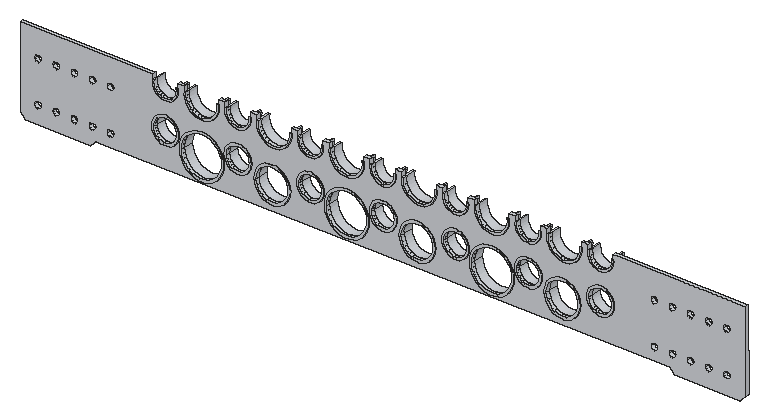
Revit family
Reference planes (in)
  plane 1 "Center (Front/Back)": y = 0
  plane 2: z = 0
  plane 3 "Center (Left/Right)": x = 0
Forms (in)
  Extrusion 1, solid
    sketch origin (-4, 0.06345, 0) x (1, 0, 0) y (0, 0, 1)
      loop
        line (-7, 1.1875) -> (-7, -1.1875) -> (13, -1.1875) -> (13, 1.1875) -> (-7, 1.1875)
    from 0.06345 to -0.03055
  Extrusion 2, void
    sketch origin (2, 0, 0) x (1, 0, 0) y (0, 0, 1)
      loop
        line (-13, -1.1875) -> (-12.85, -1.1875) -> (-13, -1.0375) -> (-13, -1.1875)
    from 0 to -0.094
  Extrusion 3, void
    sketch origin (-4, 0, 0) x (-1, 0, 0) y (0, 0, -1)
      loop
        line (-13, 1.1875) -> (-13, 1.0375) -> (-12.85, 1.1875) -> (-13, 1.1875)
    from -0.094 to 0
  Extrusion 4, void
    sketch origin (-4, 0, 0) x (1, 0, 0) y (0, 0, 1)
      loop
        line (-4.912, -1.0375) -> (-5.062, -1.1875) -> (11.062, -1.1875) -> (10.912, -1.0375) -> (-4.912, -1.0375)
    from 0 to -0.094
  Extrusion 5, solid
    sketch origin (2.434, -0.19807, -0.3875) x (1, 0, 0) y (0, 0, 1)
      loop
        circle (-8.434, 0) r 0.613
    from -0.56657 to -0.19807
  Extrusion 6, void
    sketch origin (2.387, 0, 0) x (1, 0, 0) y (0, 0, 1)
      loop
        circle (-8.387, -0.3875) r 0.556
    from -0.3685 to 0
  Extrusion 7, solid
    sketch origin (6.434, -0.19807, -0.3875) x (1, 0, 0) y (0, 0, 1)
      loop
        circle (-8.434, 0) r 0.613
    from -0.56657 to -0.19807
  Extrusion 8, void
    sketch origin (6.387, 0, 0) x (1, 0, 0) y (0, 0, 1)
      loop
        circle (-8.387, -0.3875) r 0.556
    from -0.3685 to 0
  Extrusion 9, solid
    sketch origin (10.434, -0.19807, -0.3875) x (1, 0, 0) y (0, 0, 1)
      loop
        circle (-8.434, 0) r 0.613
    from -0.56657 to -0.19807
  Extrusion 10, void
    sketch origin (10.387, 0, 0) x (1, 0, 0) y (0, 0, 1)
      loop
        circle (-8.387, -0.3875) r 0.556
    from -0.3685 to 0
  Extrusion 11, void
    sketch origin (3, 0, -0.0885) x (1, 0, 0) y (0, 0, 1)
      loop
        circle (-10, 0) r 0.316
    from 0.17811 to -0.69326
  Extrusion 12, solid
    sketch origin (3, 0, 0) x (1, 0, 0) y (0, 0, 1)
      loop
        circle (-10, -0.0885) r 0.376
    from 0 to -0.3685
  Extrusion 13, void
    sketch origin (5, 0, -0.0885) x (1, 0, 0) y (0, 0, 1)
      loop
        circle (-10, 0) r 0.316
    from 0.17811 to -0.69326
  Extrusion 14, solid
    sketch origin (5, 0, 0) x (1, 0, 0) y (0, 0, 1)
      loop
        circle (-10, -0.0885) r 0.376
    from 0 to -0.3685
  Extrusion 15, void
    sketch origin (7, 0, -0.0885) x (1, 0, 0) y (0, 0, 1)
      loop
        circle (-10, 0) r 0.316
    from 0.17811 to -0.69326
  Extrusion 16, solid
    sketch origin (7, 0, 0) x (1, 0, 0) y (0, 0, 1)
      loop
        circle (-10, -0.0885) r 0.376
    from 0 to -0.3685
  Extrusion 17, void
    sketch origin (9, 0, -0.0885) x (1, 0, 0) y (0, 0, 1)
      loop
        circle (-10, 0) r 0.316
    from 0.17811 to -0.69326
  Extrusion 18, solid
    sketch origin (9, 0, 0) x (1, 0, 0) y (0, 0, 1)
      loop
        circle (-10, -0.0885) r 0.376
    from 0 to -0.3685
  Extrusion 19, void
    sketch origin (11, 0, -0.0885) x (1, 0, 0) y (0, 0, 1)
      loop
        circle (-10, 0) r 0.316
    from 0.17811 to -0.69326
  Extrusion 20, solid
    sketch origin (11, 0, 0) x (1, 0, 0) y (0, 0, 1)
      loop
        circle (-10, -0.0885) r 0.376
    from 0 to -0.3685
  Extrusion 21, void
    sketch origin (13, 0, -0.0885) x (1, 0, 0) y (0, 0, 1)
      loop
        circle (-10, 0) r 0.316
    from 0.17811 to -0.69326
  Extrusion 22, solid
    sketch origin (13, 0, 0) x (1, 0, 0) y (0, 0, 1)
      loop
        circle (-10, -0.0885) r 0.376
    from 0 to -0.3685
  Extrusion 23, void
    sketch origin (3, 0, -0.39233) x (1, 0, 0) y (0, 0, 1)
      loop
        circle (-7.0544, 0) r 0.441
    from 0.17811 to -0.3685
  Extrusion 24, solid
    sketch origin (2.559, 0, 0) x (1, 0, 0) y (0, 0, 1)
      loop
        circle (-6.6134, -0.39233) r 0.501
    from 0 to -0.3685
  Extrusion 25, void
    sketch origin (7, 0, -0.39233) x (1, 0, 0) y (0, 0, 1)
      loop
        circle (-7.0544, 0) r 0.441
    from 0.17811 to -0.3685
  Extrusion 26, solid
    sketch origin (6.559, 0, 0) x (1, 0, 0) y (0, 0, 1)
      loop
        circle (-6.6134, -0.39233) r 0.501
    from 0 to -0.3685
  Extrusion 27, void
    sketch origin (11, 0, -0.39233) x (1, 0, 0) y (0, 0, 1)
      loop
        circle (-7.0544, 0) r 0.441
    from 0.17811 to -0.3685
  Extrusion 28, solid
    sketch origin (10.559, 0, 0) x (1, 0, 0) y (0, 0, 1)
      loop
        circle (-6.6134, -0.39233) r 0.501
    from 0 to -0.3685
  Extrusion 29, void
    sketch origin (15, 0, -0.0885) x (1, 0, 0) y (0, 0, 1)
      loop
        circle (-10, 0) r 0.316
    from 0.17811 to -0.69326
  Extrusion 30, solid
    sketch origin (15, 0, 0) x (1, 0, 0) y (0, 0, 1)
      loop
        circle (-10, -0.0885) r 0.376
    from 0 to -0.3685
  Extrusion 31, void
    sketch origin (2.98103, 0, -1.04116) x (1, 0, 0) y (0, 0, 1)
      loop
        line (-9.63131, 2.10366) -> (-9.63131, 2.22866) -> (-9.54431, 2.22866) -> (-9.54431, 2.45276) -> (-10.41775, 2.45276) -> (-10.41775, 2.22866) -> (-10.33075, 2.22866) -> (-10.33075, 2.10366) -> (-10.28191, 2.10366)
        arc (-10.28191, 2.10366) -> (-9.98103, 1.73566) -> (-9.68015, 2.10366) r 0.307
        line (-9.68015, 2.10366) -> (-9.63131, 2.10366)
    from -0.3685 to 0
  Extrusion 32, solid
    sketch origin (2.98103, 0, -0.73416) x (1, 0, 0) y (0, 0, 1)
      loop
        circle (-9.98103, 1.73566) r 0.355
    from -0.3685 to 0
  Extrusion 33, void
    sketch origin (4.98103, 0, -1.04116) x (1, 0, 0) y (0, 0, 1)
      loop
        line (-9.63131, 2.10366) -> (-9.63131, 2.22866) -> (-9.54431, 2.22866) -> (-9.54431, 2.45276) -> (-10.41775, 2.45276) -> (-10.41775, 2.22866) -> (-10.33075, 2.22866) -> (-10.33075, 2.10366) -> (-10.28191, 2.10366)
        arc (-10.28191, 2.10366) -> (-9.98103, 1.73566) -> (-9.68015, 2.10366) r 0.307
        line (-9.68015, 2.10366) -> (-9.63131, 2.10366)
    from -0.3685 to 0
  Extrusion 34, solid
    sketch origin (4.98103, 0, -0.73416) x (1, 0, 0) y (0, 0, 1)
      loop
        circle (-9.98103, 1.73566) r 0.355
    from -0.3685 to 0
  Extrusion 35, void
    sketch origin (6.98103, 0, -1.04116) x (1, 0, 0) y (0, 0, 1)
      loop
        line (-9.63131, 2.10366) -> (-9.63131, 2.22866) -> (-9.54431, 2.22866) -> (-9.54431, 2.45276) -> (-10.41775, 2.45276) -> (-10.41775, 2.22866) -> (-10.33075, 2.22866) -> (-10.33075, 2.10366) -> (-10.28191, 2.10366)
        arc (-10.28191, 2.10366) -> (-9.98103, 1.73566) -> (-9.68015, 2.10366) r 0.307
        line (-9.68015, 2.10366) -> (-9.63131, 2.10366)
    from -0.3685 to 0
  Extrusion 36, solid
    sketch origin (6.98103, 0, -0.73416) x (1, 0, 0) y (0, 0, 1)
      loop
        circle (-9.98103, 1.73566) r 0.355
    from -0.3685 to 0
  Extrusion 37, void
    sketch origin (8.98103, 0, -1.04116) x (1, 0, 0) y (0, 0, 1)
      loop
        line (-9.63131, 2.10366) -> (-9.63131, 2.22866) -> (-9.54431, 2.22866) -> (-9.54431, 2.45276) -> (-10.41775, 2.45276) -> (-10.41775, 2.22866) -> (-10.33075, 2.22866) -> (-10.33075, 2.10366) -> (-10.28191, 2.10366)
        arc (-10.28191, 2.10366) -> (-9.98103, 1.73566) -> (-9.68015, 2.10366) r 0.307
        line (-9.68015, 2.10366) -> (-9.63131, 2.10366)
    from -0.3685 to 0
  Extrusion 38, solid
    sketch origin (8.98103, 0, -0.73416) x (1, 0, 0) y (0, 0, 1)
      loop
        circle (-9.98103, 1.73566) r 0.355
    from -0.3685 to 0
  Extrusion 39, void
    sketch origin (10.98103, 0, -1.04116) x (1, 0, 0) y (0, 0, 1)
      loop
        line (-9.63131, 2.10366) -> (-9.63131, 2.22866) -> (-9.54431, 2.22866) -> (-9.54431, 2.45276) -> (-10.41775, 2.45276) -> (-10.41775, 2.22866) -> (-10.33075, 2.22866) -> (-10.33075, 2.10366) -> (-10.28191, 2.10366)
        arc (-10.28191, 2.10366) -> (-9.98103, 1.73566) -> (-9.68015, 2.10366) r 0.307
        line (-9.68015, 2.10366) -> (-9.63131, 2.10366)
    from -0.3685 to 0
  Extrusion 40, solid
    sketch origin (10.98103, 0, -0.73416) x (1, 0, 0) y (0, 0, 1)
      loop
        circle (-9.98103, 1.73566) r 0.355
    from -0.3685 to 0
  Extrusion 41, void
    sketch origin (12.98103, 0, -1.04116) x (1, 0, 0) y (0, 0, 1)
      loop
        line (-9.63131, 2.10366) -> (-9.63131, 2.22866) -> (-9.54431, 2.22866) -> (-9.54431, 2.45276) -> (-10.41775, 2.45276) -> (-10.41775, 2.22866) -> (-10.33075, 2.22866) -> (-10.33075, 2.10366) -> (-10.28191, 2.10366)
        arc (-10.28191, 2.10366) -> (-9.98103, 1.73566) -> (-9.68015, 2.10366) r 0.307
        line (-9.68015, 2.10366) -> (-9.63131, 2.10366)
    from -0.3685 to 0
  Extrusion 42, solid
    sketch origin (12.98103, 0, -0.73416) x (1, 0, 0) y (0, 0, 1)
      loop
        circle (-9.98103, 1.73566) r 0.355
    from -0.3685 to 0
  Extrusion 43, void
    sketch origin (14.98103, 0, -1.04116) x (1, 0, 0) y (0, 0, 1)
      loop
        line (-9.63131, 2.10366) -> (-9.63131, 2.22866) -> (-9.54431, 2.22866) -> (-9.54431, 2.45276) -> (-10.41775, 2.45276) -> (-10.41775, 2.22866) -> (-10.33075, 2.22866) -> (-10.33075, 2.10366) -> (-10.28191, 2.10366)
        arc (-10.28191, 2.10366) -> (-9.98103, 1.73566) -> (-9.68015, 2.10366) r 0.307
        line (-9.68015, 2.10366) -> (-9.63131, 2.10366)
    from -0.3685 to 0
  Extrusion 44, solid
    sketch origin (14.98103, 0, -0.73416) x (1, 0, 0) y (0, 0, 1)
      loop
        circle (-9.98103, 1.73566) r 0.355
    from -0.3685 to 0
  Extrusion 45, void
    sketch origin (3.98103, 0, -0.79116) x (1, 0, 0) y (0, 0, 1)
      loop
        line (-9.5042, 1.85241) -> (-9.5042, 1.97741) -> (-9.4172, 1.97741) -> (-9.4172, 2.35367) -> (-10.54489, 2.35367) -> (-10.54489, 1.97716) -> (-10.45789, 1.97716) -> (-10.45789, 1.85216) -> (-10.40905, 1.85216)
        arc (-10.40905, 1.85216) -> (-9.9809, 1.36167) -> (-9.55304, 1.85241) r 0.432
        line (-9.55304, 1.85241) -> (-9.5042, 1.85241)
    from -0.3685 to 0.12521
  Extrusion 46, solid
    sketch origin (3.98103, 0, -0.73416) x (1, 0, 0) y (0, 0, 1)
      loop
        circle (-9.98103, 1.73566) r 0.48
    from -0.3685 to 0
  Extrusion 47, void
    sketch origin (5.98103, 0, -0.79116) x (1, 0, 0) y (0, 0, 1)
      loop
        line (-9.5042, 1.85241) -> (-9.5042, 1.97741) -> (-9.4172, 1.97741) -> (-9.4172, 2.35367) -> (-10.54489, 2.35367) -> (-10.54489, 1.97716) -> (-10.45789, 1.97716) -> (-10.45789, 1.85216) -> (-10.40905, 1.85216)
        arc (-10.40905, 1.85216) -> (-9.9809, 1.36167) -> (-9.55304, 1.85241) r 0.432
        line (-9.55304, 1.85241) -> (-9.5042, 1.85241)
    from -0.3685 to 0.12521
  Extrusion 48, solid
    sketch origin (5.98103, 0, -0.73416) x (1, 0, 0) y (0, 0, 1)
      loop
        circle (-9.98103, 1.73566) r 0.48
    from -0.3685 to 0
  Extrusion 49, void
    sketch origin (7.98103, 0, -0.79116) x (1, 0, 0) y (0, 0, 1)
      loop
        line (-9.5042, 1.85241) -> (-9.5042, 1.97741) -> (-9.4172, 1.97741) -> (-9.4172, 2.35367) -> (-10.54489, 2.35367) -> (-10.54489, 1.97716) -> (-10.45789, 1.97716) -> (-10.45789, 1.85216) -> (-10.40905, 1.85216)
        arc (-10.40905, 1.85216) -> (-9.9809, 1.36167) -> (-9.55304, 1.85241) r 0.432
        line (-9.55304, 1.85241) -> (-9.5042, 1.85241)
    from -0.3685 to 0.12521
  Extrusion 50, solid
    sketch origin (7.98103, 0, -0.73416) x (1, 0, 0) y (0, 0, 1)
      loop
        circle (-9.98103, 1.73566) r 0.48
    from -0.3685 to 0
  Extrusion 51, void
    sketch origin (9.98103, 0, -0.79116) x (1, 0, 0) y (0, 0, 1)
      loop
        line (-9.5042, 1.85241) -> (-9.5042, 1.97741) -> (-9.4172, 1.97741) -> (-9.4172, 2.35367) -> (-10.54489, 2.35367) -> (-10.54489, 1.97716) -> (-10.45789, 1.97716) -> (-10.45789, 1.85216) -> (-10.40905, 1.85216)
        arc (-10.40905, 1.85216) -> (-9.9809, 1.36167) -> (-9.55304, 1.85241) r 0.432
        line (-9.55304, 1.85241) -> (-9.5042, 1.85241)
    from -0.3685 to 0.12521
  Extrusion 52, solid
    sketch origin (9.98103, 0, -0.73416) x (1, 0, 0) y (0, 0, 1)
      loop
        circle (-9.98103, 1.73566) r 0.48
    from -0.3685 to 0
  Extrusion 53, void
    sketch origin (11.98103, 0, -0.79116) x (1, 0, 0) y (0, 0, 1)
      loop
        line (-9.5042, 1.85241) -> (-9.5042, 1.97741) -> (-9.4172, 1.97741) -> (-9.4172, 2.35367) -> (-10.54489, 2.35367) -> (-10.54489, 1.97716) -> (-10.45789, 1.97716) -> (-10.45789, 1.85216) -> (-10.40905, 1.85216)
        arc (-10.40905, 1.85216) -> (-9.9809, 1.36167) -> (-9.55304, 1.85241) r 0.432
        line (-9.55304, 1.85241) -> (-9.5042, 1.85241)
    from -0.3685 to 0.12521
  Extrusion 54, solid
    sketch origin (11.98103, 0, -0.73416) x (1, 0, 0) y (0, 0, 1)
      loop
        circle (-9.98103, 1.73566) r 0.48
    from -0.3685 to 0
  Extrusion 55, void
    sketch origin (13.98103, 0, -0.79116) x (1, 0, 0) y (0, 0, 1)
      loop
        line (-9.5042, 1.85241) -> (-9.5042, 1.97741) -> (-9.4172, 1.97741) -> (-9.4172, 2.35367) -> (-10.54489, 2.35367) -> (-10.54489, 1.97716) -> (-10.45789, 1.97716) -> (-10.45789, 1.85216) -> (-10.40905, 1.85216)
        arc (-10.40905, 1.85216) -> (-9.9809, 1.36167) -> (-9.55304, 1.85241) r 0.432
        line (-9.55304, 1.85241) -> (-9.5042, 1.85241)
    from -0.3685 to 0.12521
  Extrusion 56, solid
    sketch origin (13.98103, 0, -0.73416) x (1, 0, 0) y (0, 0, 1)
      loop
        circle (-9.98103, 1.73566) r 0.48
    from -0.3685 to 0
  Extrusion 57, void
    sketch origin (1.9, 0, 0) x (1, 0, 0) y (0, 0, 1)
      loop
        circle (-11.3967, 0.4625) r 0.095
    from -0.094 to 0
  Extrusion 58, void
    sketch origin (1.4, 0, 0) x (1, 0, 0) y (0, 0, 1)
      loop
        circle (-11.3967, 0.4625) r 0.095
    from -0.094 to 0
  Extrusion 59, void
    sketch origin (0.9, 0, 0) x (1, 0, 0) y (0, 0, 1)
      loop
        circle (-11.3967, 0.4625) r 0.095
    from -0.094 to 0
  Extrusion 60, void
    sketch origin (1.9, 0, -1.15) x (1, 0, 0) y (0, 0, 1)
      loop
        circle (-11.3967, 0.4625) r 0.095
    from -0.094 to 0
  Extrusion 61, void
    sketch origin (1.4, 0, -1.15) x (1, 0, 0) y (0, 0, 1)
      loop
        circle (-11.3967, 0.4625) r 0.095
    from -0.094 to 0
  Extrusion 62, void
    sketch origin (0.9, 0, -1.15) x (1, 0, 0) y (0, 0, 1)
      loop
        circle (-11.3967, 0.4625) r 0.095
    from -0.094 to 0
  Extrusion 63, void
    sketch origin (2.4, 0, 0) x (1, 0, 0) y (0, 0, 1)
      loop
        circle (-11.3967, 0.4625) r 0.095
    from -0.094 to 0
  Extrusion 64, void
    sketch origin (2.4, 0, -1.15) x (1, 0, 0) y (0, 0, 1)
      loop
        circle (-11.3967, 0.4625) r 0.095
    from -0.094 to 0
  Extrusion 65, void
    sketch origin (2.9, 0, 0) x (1, 0, 0) y (0, 0, 1)
      loop
        circle (-11.3967, 0.4625) r 0.095
    from -0.094 to 0
  Extrusion 66, void
    sketch origin (2.9, 0, -1.15) x (1, 0, 0) y (0, 0, 1)
      loop
        circle (-11.3967, 0.4625) r 0.095
    from -0.094 to 0
  Extrusion 67, void
    sketch origin (-2.9, 0, 0) x (-1, 0, 0) y (0, 0, -1)
      loop
        circle (-11.3967, -0.4625) r 0.095
    from -0.094 to 0
  Extrusion 68, void
    sketch origin (-2.9, 0, -1.15) x (-1, 0, 0) y (0, 0, -1)
      loop
        circle (-11.3967, -0.4625) r 0.095
    from -0.094 to 0
  Extrusion 69, void
    sketch origin (-3.4, 0, 0) x (-1, 0, 0) y (0, 0, -1)
      loop
        circle (-11.3967, -0.4625) r 0.095
    from -0.094 to 0
  Extrusion 70, void
    sketch origin (-3.4, 0, -1.15) x (-1, 0, 0) y (0, 0, -1)
      loop
        circle (-11.3967, -0.4625) r 0.095
    from -0.094 to 0
  Extrusion 71, void
    sketch origin (-3.9, 0, 0) x (-1, 0, 0) y (0, 0, -1)
      loop
        circle (-11.3967, -0.4625) r 0.095
    from -0.094 to 0
  Extrusion 72, void
    sketch origin (-3.9, 0, -1.15) x (-1, 0, 0) y (0, 0, -1)
      loop
        circle (-11.3967, -0.4625) r 0.095
    from -0.094 to 0
  Extrusion 73, void
    sketch origin (-4.4, 0, 0) x (-1, 0, 0) y (0, 0, -1)
      loop
        circle (-11.3967, -0.4625) r 0.095
    from -0.094 to 0
  Extrusion 74, void
    sketch origin (-4.4, 0, -1.15) x (-1, 0, 0) y (0, 0, -1)
      loop
        circle (-11.3967, -0.4625) r 0.095
    from -0.094 to 0
  Extrusion 75, void
    sketch origin (-4.9, 0, 0) x (-1, 0, 0) y (0, 0, -1)
      loop
        circle (-11.3967, -0.4625) r 0.095
    from -0.094 to 0
  Extrusion 76, void
    sketch origin (-4.9, 0, -1.15) x (-1, 0, 0) y (0, 0, -1)
      loop
        circle (-11.3967, -0.4625) r 0.095
    from -0.094 to 0
Cuts and joins
  Extrusion 2, Extrusion 3, Extrusion 4, Extrusion 6, Extrusion 8, Extrusion 10, Extrusion 11, Extrusion 13, Extrusion 15, Extrusion 17, Extrusion 19, Extrusion 21, Extrusion 23, Extrusion 25, Extrusion 27, Extrusion 29, Extrusion 31, Extrusion 33, Extrusion 35, Extrusion 37, Extrusion 39, Extrusion 41, Extrusion 43, Extrusion 45, Extrusion 47, Extrusion 49, Extrusion 51, Extrusion 53, Extrusion 55, Extrusion 57, Extrusion 58, Extrusion 59, Extrusion 60, Extrusion 61, Extrusion 62, Extrusion 63, Extrusion 64, Extrusion 65, Extrusion 66, Extrusion 67, Extrusion 68, Extrusion 69, Extrusion 70, Extrusion 71, Extrusion 72, Extrusion 73, Extrusion 74, Extrusion 75, Extrusion 76 cuts Extrusion 1
  Extrusion 6, Extrusion 8 cuts Extrusion 5
  Extrusion 8, Extrusion 10 cuts Extrusion 7
  Extrusion 10 cuts Extrusion 9
  Extrusion 11, Extrusion 15 cuts Extrusion 12
  Extrusion 13, Extrusion 17 cuts Extrusion 14
  Extrusion 15, Extrusion 19 cuts Extrusion 16
  Extrusion 17, Extrusion 21 cuts Extrusion 18
  Extrusion 19 cuts Extrusion 20
  Extrusion 21, Extrusion 29 cuts Extrusion 22
  Extrusion 23, Extrusion 25 cuts Extrusion 24
  Extrusion 25, Extrusion 27 cuts Extrusion 26
  Extrusion 27 cuts Extrusion 28
  Extrusion 29 cuts Extrusion 30
  Extrusion 31, Extrusion 33 cuts Extrusion 32
  Extrusion 33, Extrusion 35 cuts Extrusion 34
  Extrusion 35, Extrusion 37 cuts Extrusion 36
  Extrusion 37, Extrusion 39 cuts Extrusion 38
  Extrusion 39, Extrusion 41 cuts Extrusion 40
  Extrusion 41, Extrusion 43 cuts Extrusion 42
  Extrusion 43 cuts Extrusion 44
  Extrusion 45, Extrusion 47 cuts Extrusion 46
  Extrusion 47, Extrusion 49 cuts Extrusion 48
  Extrusion 49, Extrusion 51 cuts Extrusion 50
  Extrusion 51, Extrusion 53 cuts Extrusion 52
  Extrusion 53, Extrusion 55 cuts Extrusion 54
  Extrusion 55 cuts Extrusion 56
Dimensions and locks (in)
  Extrusion 1 to Extrusion 1 = 20.00"
  Extrusion 1 to Extrusion 1 = 2.375"
  aligned and locked: plane 2 to level
  aligned and locked: Extrusion 2 to Extrusion 1
  aligned and locked: Extrusion 1 to Extrusion 2
  aligned and locked: Extrusion 4 to Extrusion 1  (x2)
  aligned and locked: plane 1 "Center (Front/Back)" to Extrusion 1
  aligned and locked: Extrusion 1 to Extrusion 3
  aligned and locked: plane 1 "Center (Front/Back)" to Extrusion 3
  aligned and locked: Extrusion 1 to Extrusion 57
  aligned and locked: plane 1 "Center (Front/Back)" to Extrusion 57
Connectors (in)
  piping at (2, 0, -0.3875)
    settings: on cut or joined group 1 (Extrusion 1, Extrusion 2, Extrusion 3, Extrusion 4, Extrusion 6, Extrusion 8, Extrusion 10, Extrusion 11, Extrusion 13, Extrusion 15, Extrusion 17, Extrusion 19, Extrusion 21, Extrusion 23, Extrusion 25, Extrusion 27, Extrusion 29, Extrusion 31, Extrusion 33, Extrusion 35, Extrusion 37, Extrusion 39, Extrusion 41, Extrusion 43, Extrusion 45, Extrusion 47, Extrusion 49, Extrusion 51, Extrusion 53, Extrusion 55, Extrusion 57, Extrusion 58, Extrusion 59, Extrusion 60, Extrusion 61, Extrusion 62, Extrusion 63, Extrusion 64, Extrusion 65, Extrusion 66, Extrusion 67, Extrusion 68, Extrusion 69, Extrusion 70, Extrusion 71, Extrusion 72, Extrusion 73, Extrusion 74, Extrusion 75, Extrusion 76), index 1, connector radius 1/2", flow factor 0, pipe flow 0 GPM, pressure drop 0.00 psi, fitting loss kfactor 0, connector angle 0.00°, fixture units 0, flow configuration 0, flow direction 0, fitting loss method 0, system type 22, connector reference index -1, connector utility 0, adjustable connector no, is connector primary yes, fitting loss table "", connector description ""
  piping at (-2, 0, -0.3875)
    settings: on cut or joined group 1, index 2, connector radius 1/2", flow factor 0, pipe flow 0 GPM, pressure drop 0.00 psi, fitting loss kfactor 0, connector angle 0.00°, fixture units 0, flow configuration 0, flow direction 0, fitting loss method 0, system type 22, connector reference index -1, connector utility 0, adjustable connector no, is connector primary no, fitting loss table "", connector description ""
  piping at (-6, 0, -0.3875)
    settings: on cut or joined group 1, index 3, connector radius 1/2", flow factor 0, pipe flow 0 GPM, pressure drop 0.00 psi, fitting loss kfactor 0, connector angle 0.00°, fixture units 0, flow configuration 0, flow direction 0, fitting loss method 0, system type 22, connector reference index -1, connector utility 0, adjustable connector no, is connector primary no, fitting loss table "", connector description ""
  piping at (-1.00001, 0, 0.94306)
    settings: on cut or joined group 1, index 4, connector radius 1/2", flow factor 0, pipe flow 0 GPM, pressure drop 0.00 psi, fitting loss kfactor 0, connector angle 0.00°, fixture units 0, flow configuration 0, flow direction 0, fitting loss method 0, system type 22, connector reference index -1, connector utility 0, adjustable connector no, is connector primary no, fitting loss table "", connector description ""
  piping at (-1.00001, 0, 0.94306)
    settings: on cut or joined group 1, index 5, connector radius 1/2", flow factor 0, pipe flow 0 GPM, pressure drop 0.00 psi, fitting loss kfactor 0, connector angle 0.00°, fixture units 0, flow configuration 0, flow direction 0, fitting loss method 0, system type 22, connector reference index -1, connector utility 0, adjustable connector no, is connector primary no, fitting loss table "", connector description ""
  piping at (-1.00001, 0, 0.94306)
    settings: on cut or joined group 1, index 6, connector radius 0.38", flow factor 0, pipe flow 0 GPM, pressure drop 0.00 psi, fitting loss kfactor 0, connector angle 0.00°, fixture units 0, flow configuration 0, flow direction 0, fitting loss method 0, system type 22, connector reference index -1, connector utility 0, adjustable connector no, is connector primary no, fitting loss table "", connector description ""
  piping at (-1.00001, 0, 0.94306)
    settings: on cut or joined group 1, index 7, connector radius 0.38", flow factor 0, pipe flow 0 GPM, pressure drop 0.00 psi, fitting loss kfactor 0, connector angle 0.00°, fixture units 0, flow configuration 0, flow direction 0, fitting loss method 0, system type 22, connector reference index -1, connector utility 0, adjustable connector no, is connector primary no, fitting loss table "", connector description ""
  piping at (-4.0544, 0, -0.39233)
    settings: on cut or joined group 1, index 8, connector radius 0.38", flow factor 0, pipe flow 0 GPM, pressure drop 0.00 psi, fitting loss kfactor 0, connector angle 0.00°, fixture units 0, flow configuration 0, flow direction 0, fitting loss method 0, system type 22, connector reference index -1, connector utility 0, adjustable connector no, is connector primary no, fitting loss table "", connector description ""
  piping at (-0.0544, 0, -0.39233)
    settings: on cut or joined group 1, index 9, connector radius 0.38", flow factor 0, pipe flow 0 GPM, pressure drop 0.00 psi, fitting loss kfactor 0, connector angle 0.00°, fixture units 0, flow configuration 0, flow direction 0, fitting loss method 0, system type 22, connector reference index -1, connector utility 0, adjustable connector no, is connector primary no, fitting loss table "", connector description ""
  piping at (3.9456, 0, -0.39233)
    settings: on cut or joined group 1, index 10, connector radius 0.38", flow factor 0, pipe flow 0 GPM, pressure drop 0.00 psi, fitting loss kfactor 0, connector angle 0.00°, fixture units 0, flow configuration 0, flow direction 0, fitting loss method 0, system type 22, connector reference index -1, connector utility 0, adjustable connector no, is connector primary no, fitting loss table "", connector description ""
  piping at (3.99989, 0, 1.04046)
    settings: on cut or joined group of Extrusion 55, Extrusion 56, index 11, connector radius 0.38", flow factor 0, pipe flow 0 GPM, pressure drop 0.00 psi, fitting loss kfactor 0, connector angle 0.00°, fixture units 0, flow configuration 0, flow direction 0, fitting loss method 0, system type 22, connector reference index -1, connector utility 0, adjustable connector no, is connector primary no, fitting loss table "", connector description ""
  piping at (1.99989, 0, 1.04046)
    settings: on cut or joined group of Extrusion 53, Extrusion 54, Extrusion 55, index 12, connector radius 0.38", flow factor 0, pipe flow 0 GPM, pressure drop 0.00 psi, fitting loss kfactor 0, connector angle 0.00°, fixture units 0, flow configuration 0, flow direction 0, fitting loss method 0, system type 22, connector reference index -1, connector utility 0, adjustable connector no, is connector primary no, fitting loss table "", connector description ""
  piping at (-0.00011, 0, 1.04046)
    settings: on cut or joined group of Extrusion 51, Extrusion 52, Extrusion 53, index 13, connector radius 0.38", flow factor 0, pipe flow 0 GPM, pressure drop 0.00 psi, fitting loss kfactor 0, connector angle 0.00°, fixture units 0, flow configuration 0, flow direction 0, fitting loss method 0, system type 22, connector reference index -1, connector utility 0, adjustable connector no, is connector primary no, fitting loss table "", connector description ""
  piping at (-2.00011, 0, 1.04046)
    settings: on cut or joined group of Extrusion 49, Extrusion 50, Extrusion 51, index 14, connector radius 0.38", flow factor 0, pipe flow 0 GPM, pressure drop 0.00 psi, fitting loss kfactor 0, connector angle 0.00°, fixture units 0, flow configuration 0, flow direction 0, fitting loss method 0, system type 22, connector reference index -1, connector utility 0, adjustable connector no, is connector primary no, fitting loss table "", connector description ""
  piping at (-1.00001, 0, 0.94306)
    settings: on cut or joined group 1, index 15, connector radius 0.38", flow factor 0, pipe flow 0 GPM, pressure drop 0.00 psi, fitting loss kfactor 0, connector angle 0.00°, fixture units 0, flow configuration 0, flow direction 0, fitting loss method 0, system type 22, connector reference index -1, connector utility 0, adjustable connector no, is connector primary no, fitting loss table "", connector description ""
  piping at (-6.00011, 0, 1.04046)
    settings: on cut or joined group of Extrusion 45, Extrusion 46, Extrusion 47, index 16, connector radius 0.38", flow factor 0, pipe flow 0 GPM, pressure drop 0.00 psi, fitting loss kfactor 0, connector angle 0.00°, fixture units 0, flow configuration 0, flow direction 0, fitting loss method 0, system type 22, connector reference index -1, connector utility 0, adjustable connector no, is connector primary no, fitting loss table "", connector description ""
  piping at (5, 0, -0.0885)
    settings: on cut or joined group of Extrusion 29, Extrusion 30, index 21, connector radius 1/4", flow factor 0, pipe flow 0 GPM, pressure drop 0.00 psi, fitting loss kfactor 0, connector angle 0.00°, fixture units 0, flow configuration 0, flow direction 0, fitting loss method 0, system type 22, connector reference index -1, connector utility 0, adjustable connector no, is connector primary no, fitting loss table "", connector description ""
  piping at (5, 0, 1.04217)
    settings: on cut or joined group of Extrusion 43, Extrusion 44, index 22, connector radius 1/4", flow factor 0, pipe flow 0 GPM, pressure drop 0.00 psi, fitting loss kfactor 0, connector angle 0.00°, fixture units 0, flow configuration 0, flow direction 0, fitting loss method 0, system type 22, connector reference index -1, connector utility 0, adjustable connector no, is connector primary no, fitting loss table "", connector description ""
  piping at (3, 0, -0.0885)
    settings: on cut or joined group of Extrusion 21, Extrusion 22, Extrusion 29, index 23, connector radius 1/4", flow factor 0, pipe flow 0 GPM, pressure drop 0.00 psi, fitting loss kfactor 0, connector angle 0.00°, fixture units 0, flow configuration 0, flow direction 0, fitting loss method 0, system type 22, connector reference index -1, connector utility 0, adjustable connector no, is connector primary no, fitting loss table "", connector description ""
  piping at (3, 0, 1.04217)
    settings: on cut or joined group of Extrusion 41, Extrusion 42, Extrusion 43, index 24, connector radius 1/4", flow factor 0, pipe flow 0 GPM, pressure drop 0.00 psi, fitting loss kfactor 0, connector angle 0.00°, fixture units 0, flow configuration 0, flow direction 0, fitting loss method 0, system type 22, connector reference index -1, connector utility 0, adjustable connector no, is connector primary no, fitting loss table "", connector description ""
  piping at (1, 0, -0.0885)
    settings: on cut or joined group 1, index 25, connector radius 1/4", flow factor 0, pipe flow 0 GPM, pressure drop 0.00 psi, fitting loss kfactor 0, connector angle 0.00°, fixture units 0, flow configuration 0, flow direction 0, fitting loss method 0, system type 22, connector reference index -1, connector utility 0, adjustable connector no, is connector primary no, fitting loss table "", connector description ""
  piping at (1, 0, 1.04217)
    settings: on cut or joined group of Extrusion 39, Extrusion 40, Extrusion 41, index 26, connector radius 1/4", flow factor 0, pipe flow 0 GPM, pressure drop 0.00 psi, fitting loss kfactor 0, connector angle 0.00°, fixture units 0, flow configuration 0, flow direction 0, fitting loss method 0, system type 22, connector reference index -1, connector utility 0, adjustable connector no, is connector primary no, fitting loss table "", connector description ""
  piping at (-1, 0, 1.04217)
    settings: on cut or joined group of Extrusion 37, Extrusion 38, Extrusion 39, index 27, connector radius 1/4", flow factor 0, pipe flow 0 GPM, pressure drop 0.00 psi, fitting loss kfactor 0, connector angle 0.00°, fixture units 0, flow configuration 0, flow direction 0, fitting loss method 0, system type 22, connector reference index -1, connector utility 0, adjustable connector no, is connector primary no, fitting loss table "", connector description ""
  piping at (-1, 0, -0.0885)
    settings: on cut or joined group 1, index 28, connector radius 1/4", flow factor 0, pipe flow 0 GPM, pressure drop 0.00 psi, fitting loss kfactor 0, connector angle 0.00°, fixture units 0, flow configuration 0, flow direction 0, fitting loss method 0, system type 22, connector reference index -1, connector utility 0, adjustable connector no, is connector primary no, fitting loss table "", connector description ""
  piping at (-3, 0, 1.04217)
    settings: on cut or joined group of Extrusion 35, Extrusion 36, Extrusion 37, index 29, connector radius 1/4", flow factor 0, pipe flow 0 GPM, pressure drop 0.00 psi, fitting loss kfactor 0, connector angle 0.00°, fixture units 0, flow configuration 0, flow direction 0, fitting loss method 0, system type 22, connector reference index -1, connector utility 0, adjustable connector no, is connector primary no, fitting loss table "", connector description ""
  piping at (-3, 0, -0.0885)
    settings: on cut or joined group 1, index 30, connector radius 1/4", flow factor 0, pipe flow 0 GPM, pressure drop 0.00 psi, fitting loss kfactor 0, connector angle 0.00°, fixture units 0, flow configuration 0, flow direction 0, fitting loss method 0, system type 22, connector reference index -1, connector utility 0, adjustable connector no, is connector primary no, fitting loss table "", connector description ""
  piping at (-5, 0, -0.0885)
    settings: on cut or joined group 1, index 31, connector radius 1/4", flow factor 0, pipe flow 0 GPM, pressure drop 0.00 psi, fitting loss kfactor 0, connector angle 0.00°, fixture units 0, flow configuration 0, flow direction 0, fitting loss method 0, system type 22, connector reference index -1, connector utility 0, adjustable connector no, is connector primary no, fitting loss table "", connector description ""
  piping at (-5, 0, 1.04217)
    settings: on cut or joined group of Extrusion 33, Extrusion 34, Extrusion 35, index 32, connector radius 1/4", flow factor 0, pipe flow 0 GPM, pressure drop 0.00 psi, fitting loss kfactor 0, connector angle 0.00°, fixture units 0, flow configuration 0, flow direction 0, fitting loss method 0, system type 22, connector reference index -1, connector utility 0, adjustable connector no, is connector primary no, fitting loss table "", connector description ""
  piping at (-7, 0, 1.04217)
    settings: on cut or joined group of Extrusion 31, Extrusion 32, Extrusion 33, index 33, connector radius 1/4", flow factor 0, pipe flow 0 GPM, pressure drop 0.00 psi, fitting loss kfactor 0, connector angle 0.00°, fixture units 0, flow configuration 0, flow direction 0, fitting loss method 0, system type 22, connector reference index -1, connector utility 0, adjustable connector no, is connector primary no, fitting loss table "", connector description ""
  piping at (-7, 0, -0.0885)
    settings: on cut or joined group of Extrusion 11, Extrusion 12, Extrusion 15, index 35, connector radius 1/4", flow factor 0, pipe flow 0 GPM, pressure drop 0.00 psi, fitting loss kfactor 0, connector angle 0.00°, fixture units 0, flow configuration 0, flow direction 0, fitting loss method 0, system type 22, connector reference index -1, connector utility 0, adjustable connector no, is connector primary no, fitting loss table "", connector description ""
  piping at (-1.00001, 0, 0.94306)
    settings: on cut or joined group 1, index 39, connector radius 1/4", flow factor 0, pipe flow 0 GPM, pressure drop 0.00 psi, fitting loss kfactor 0, connector angle 0.00°, fixture units 0, flow configuration 0, flow direction 0, fitting loss method 0, system type 22, connector reference index -1, connector utility 0, adjustable connector no, is connector primary no, fitting loss table "", connector description ""
  piping at (-1.00001, 0.094, 0.94306)
    settings: on cut or joined group 1, index 44, connector radius 1/2", flow factor 0, pipe flow 0 GPM, pressure drop 0.00 psi, fitting loss kfactor 0, connector angle 0.00°, fixture units 0, flow configuration 0, flow direction 0, fitting loss method 0, system type 22, connector reference index -1, connector utility 0, adjustable connector no, is connector primary no, fitting loss table "", connector description ""
  piping at (-1.00001, 0.094, 0.94306)
    settings: on cut or joined group 1, index 45, connector radius 1/2", flow factor 0, pipe flow 0 GPM, pressure drop 0.00 psi, fitting loss kfactor 0, connector angle 0.00°, fixture units 0, flow configuration 0, flow direction 0, fitting loss method 0, system type 22, connector reference index -1, connector utility 0, adjustable connector no, is connector primary no, fitting loss table "", connector description ""
  piping at (-6, 0.094, -0.3875)
    settings: on cut or joined group 1, index 46, connector radius 1/2", flow factor 0, pipe flow 0 GPM, pressure drop 0.00 psi, fitting loss kfactor 0, connector angle 0.00°, fixture units 0, flow configuration 0, flow direction 0, fitting loss method 0, system type 22, connector reference index -1, connector utility 0, adjustable connector no, is connector primary no, fitting loss table "", connector description ""
  piping at (-2, 0.094, -0.3875)
    settings: on cut or joined group 1, index 47, connector radius 1/2", flow factor 0, pipe flow 0 GPM, pressure drop 0.00 psi, fitting loss kfactor 0, connector angle 0.00°, fixture units 0, flow configuration 0, flow direction 0, fitting loss method 0, system type 22, connector reference index -1, connector utility 0, adjustable connector no, is connector primary no, fitting loss table "", connector description ""
  piping at (2, 0.094, -0.3875)
    settings: on cut or joined group 1, index 48, connector radius 1/2", flow factor 0, pipe flow 0 GPM, pressure drop 0.00 psi, fitting loss kfactor 0, connector angle 0.00°, fixture units 0, flow configuration 0, flow direction 0, fitting loss method 0, system type 22, connector reference index -1, connector utility 0, adjustable connector no, is connector primary no, fitting loss table "", connector description ""
  piping at (-1.00001, 0.094, 0.94306)
    settings: on cut or joined group 1, index 49, connector radius 0.38", flow factor 0, pipe flow 0 GPM, pressure drop 0.00 psi, fitting loss kfactor 0, connector angle 0.00°, fixture units 0, flow configuration 0, flow direction 0, fitting loss method 0, system type 22, connector reference index -1, connector utility 0, adjustable connector no, is connector primary no, fitting loss table "", connector description ""
  piping at (-1.00001, 0.094, 0.94306)
    settings: on cut or joined group 1, index 50, connector radius 0.38", flow factor 0, pipe flow 0 GPM, pressure drop 0.00 psi, fitting loss kfactor 0, connector angle 0.00°, fixture units 0, flow configuration 0, flow direction 0, fitting loss method 0, system type 22, connector reference index -1, connector utility 0, adjustable connector no, is connector primary no, fitting loss table "", connector description ""
  piping at (-4.0544, 0.094, -0.39233)
    settings: on cut or joined group 1, index 51, connector radius 0.38", flow factor 0, pipe flow 0 GPM, pressure drop 0.00 psi, fitting loss kfactor 0, connector angle 0.00°, fixture units 0, flow configuration 0, flow direction 0, fitting loss method 0, system type 22, connector reference index -1, connector utility 0, adjustable connector no, is connector primary no, fitting loss table "", connector description ""
  piping at (-0.0544, 0.094, -0.39233)
    settings: on cut or joined group 1, index 52, connector radius 0.38", flow factor 0, pipe flow 0 GPM, pressure drop 0.00 psi, fitting loss kfactor 0, connector angle 0.00°, fixture units 0, flow configuration 0, flow direction 0, fitting loss method 0, system type 22, connector reference index -1, connector utility 0, adjustable connector no, is connector primary no, fitting loss table "", connector description ""
  piping at (3.9456, 0.094, -0.39233)
    settings: on cut or joined group 1, index 53, connector radius 0.38", flow factor 0, pipe flow 0 GPM, pressure drop 0.00 psi, fitting loss kfactor 0, connector angle 0.00°, fixture units 0, flow configuration 0, flow direction 0, fitting loss method 0, system type 22, connector reference index -1, connector utility 0, adjustable connector no, is connector primary no, fitting loss table "", connector description ""
  piping at (-6.00011, 0.3685, 1.04125)
    settings: on cut or joined group of Extrusion 45, Extrusion 46, Extrusion 47, index 59, connector radius 0.38", flow factor 0, pipe flow 0 GPM, pressure drop 0.00 psi, fitting loss kfactor 0, connector angle 0.00°, fixture units 0, flow configuration 0, flow direction 0, fitting loss method 0, system type 22, connector reference index -1, connector utility 0, adjustable connector no, is connector primary no, fitting loss table "", connector description ""
  piping at (-4.00011, 0.3685, 1.04125)
    settings: on cut or joined group of Extrusion 47, Extrusion 48, Extrusion 49, index 60, connector radius 0.38", flow factor 0, pipe flow 0 GPM, pressure drop 0.00 psi, fitting loss kfactor 0, connector angle 0.00°, fixture units 0, flow configuration 0, flow direction 0, fitting loss method 0, system type 22, connector reference index -1, connector utility 0, adjustable connector no, is connector primary no, fitting loss table "", connector description ""
  piping at (-2.00011, 0.3685, 1.04125)
    settings: on cut or joined group of Extrusion 49, Extrusion 50, Extrusion 51, index 61, connector radius 0.38", flow factor 0, pipe flow 0 GPM, pressure drop 0.00 psi, fitting loss kfactor 0, connector angle 0.00°, fixture units 0, flow configuration 0, flow direction 0, fitting loss method 0, system type 22, connector reference index -1, connector utility 0, adjustable connector no, is connector primary no, fitting loss table "", connector description ""
  piping at (-0.00011, 0.3685, 1.04125)
    settings: on cut or joined group of Extrusion 51, Extrusion 52, Extrusion 53, index 62, connector radius 0.38", flow factor 0, pipe flow 0 GPM, pressure drop 0.00 psi, fitting loss kfactor 0, connector angle 0.00°, fixture units 0, flow configuration 0, flow direction 0, fitting loss method 0, system type 22, connector reference index -1, connector utility 0, adjustable connector no, is connector primary no, fitting loss table "", connector description ""
  piping at (1.99989, 0.3685, 1.04125)
    settings: on cut or joined group of Extrusion 53, Extrusion 54, Extrusion 55, index 63, connector radius 0.38", flow factor 0, pipe flow 0 GPM, pressure drop 0.00 psi, fitting loss kfactor 0, connector angle 0.00°, fixture units 0, flow configuration 0, flow direction 0, fitting loss method 0, system type 22, connector reference index -1, connector utility 0, adjustable connector no, is connector primary no, fitting loss table "", connector description ""
  piping at (3.99989, 0.3685, 1.04125)
    settings: on cut or joined group of Extrusion 55, Extrusion 56, index 64, connector radius 0.38", flow factor 0, pipe flow 0 GPM, pressure drop 0.00 psi, fitting loss kfactor 0, connector angle 0.00°, fixture units 0, flow configuration 0, flow direction 0, fitting loss method 0, system type 22, connector reference index -1, connector utility 0, adjustable connector no, is connector primary no, fitting loss table "", connector description ""
  piping at (-7, 0.3685, 1.04217)
    settings: on cut or joined group of Extrusion 31, Extrusion 32, Extrusion 33, index 74, connector radius 1/4", flow factor 0, pipe flow 0 GPM, pressure drop 0.00 psi, fitting loss kfactor 0, connector angle 0.00°, fixture units 0, flow configuration 0, flow direction 0, fitting loss method 0, system type 22, connector reference index -1, connector utility 0, adjustable connector no, is connector primary no, fitting loss table "", connector description ""
  piping at (-7, 0.3685, -0.0885)
    settings: on cut or joined group of Extrusion 11, Extrusion 12, Extrusion 15, index 75, connector radius 1/4", flow factor 0, pipe flow 0 GPM, pressure drop 0.00 psi, fitting loss kfactor 0, connector angle 0.00°, fixture units 0, flow configuration 0, flow direction 0, fitting loss method 0, system type 22, connector reference index -1, connector utility 0, adjustable connector no, is connector primary no, fitting loss table "", connector description ""
  piping at (-5, 0.3685, 1.04217)
    settings: on cut or joined group of Extrusion 33, Extrusion 34, Extrusion 35, index 76, connector radius 1/4", flow factor 0, pipe flow 0 GPM, pressure drop 0.00 psi, fitting loss kfactor 0, connector angle 0.00°, fixture units 0, flow configuration 0, flow direction 0, fitting loss method 0, system type 22, connector reference index -1, connector utility 0, adjustable connector no, is connector primary no, fitting loss table "", connector description ""
